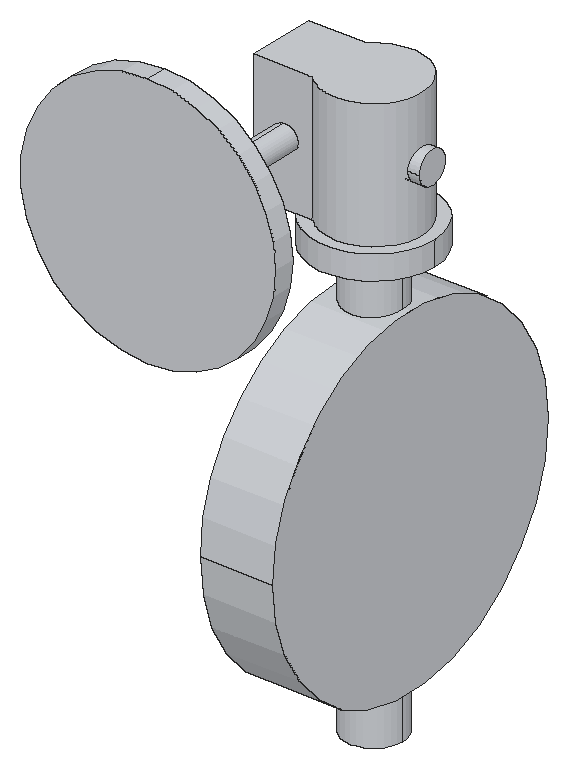
Revit family "HS497-68_disk-nerez_převodové kolo DN450-RFA_2019", category Pipe Accessories, Revit 2019
Family settings
  Round Connector Dimension = Use Diameter
  Part Type = Valve - Breaks Into
  Work Plane-Based = No
  Always vertical = Yes
  Cut with Voids When Loaded = No
  Shared = No
Parameters (values of type "HS 497-68_DN450_PN10_převodové kolo")
  magiProductId = "cdf2d80f54a9414f9cbe50647c0ebd"
  magiProductFamilyId = "53cea81e6f374d17b8841d9c72ad77"
  magiPartTypeId = 305
  isMeasuringValve [instance] = no
  ang2D [instance] = 0.00°
  X11 = 129.74 mm
  X1 = 53.74 mm
  W2D = 1000 mm
  VersionID = "2.0/2017.9.26.1/ZETKAMA_497_001"
  Use Minimum Symbol Size [instance] = yes
  URL = "http://www.hydronic.cz"
  Type Comments = "mezipřírubová; nerezový disk; PN10; -10~+110°C (krátkodobě +120°C)"
  SW30 = yes
  SW3 = yes
  SW21 = no
  SW20 = no
  SW2 = no
  SW1 = no
  R = 225 mm
  QmdConnectorList = "301;D;302;D"
  Productdata [instance] = ""
  NC = 91.5 mm
  Manufacturer = "Zetkama"
  MM20 = 53.74 mm
  MC Product Code = "126 450 (nerezový disk, s převodovým kolem; DN450; PN10, kvs18514)"
  M41 = 144.75 mm
  M4 = 96.5 mm
  LHL = 220 mm
  LHH3 = 2.45 mm
  LHH1 = 46.55 mm
  LH1 = 73.333 mm
  L4R__ve = -L4R  # -32.1 mm
  L4R = 32.1 mm
  L42__ve = -L42  # -240.75 mm
  L42 = 240.75 mm
  L41__ve = -L41  # -48.15 mm
  L41 = 48.15 mm
  L2D_Min = 3048 mm
  L2D = 216 mm
  L2 = 57 mm
  L1 = 91.2 mm
  L = 114 mm
  H = 38 mm
  G22 = 11.25 mm
  G2 = 22.5 mm
  G1 = 90 mm
  G = 190 mm
  F = 36 mm
  E44 = 100 mm
  E42 = 200 mm
  E4 = 400 mm
  E23 = 4.9 mm
  E22 = 19.6 mm
  E21 = 9.8 mm
  Description = "Mezipřírubová uzavírací klapka s převodovým kolem; nerezový disk, DN450; PN10; kvs18514"
  DR2 = 225 mm
  DR = 536 mm
  DD1 = 50 mm
  DD = 40 mm
  D = 450 mm
  CAT0 = yes
  B2__ve = -B2  # -115 mm
  B2 = 115 mm
  A2 = 38.05 mm
  A1 = 117.45 mm
Types (43, lengths in mm): name | magiProductId | X11 | X1 | Type Comments | SW30 | SW3 | SW20 | SW2 | SW1 | R | NC | Manufacturer | MM20 | MC Product Code | M41 | M4 | LHL | LHH3 | LHH1 | LH1 | L4R__ve | L4R | L42__ve | L42 | L41__ve | L41 | L2 | L1 | L | H | G | F | E44 | E42 | E4 | E23 | E22 | E21 | Description | DR2 | DR | DD1 | DD | D | B2__ve | B2 | A2 | A1
  HS 497-68_DN100_PN16_volné vřeteno | "65d1b245f4f142c78569c0602d5754" | 61.456 | 25.456 | "mezipřírubová; nerezový disk; PN16; -10~+110°C (krátkodobě +120°C)" | no | no | no | no | yes | 50 | 50 | "Hydronic Systems Prague s.r.o." | 25.456 | "124 100 (nerezový disk, s volným vřetenem; DN100; PN16, kvs512)" | 66 | 44 | 220 | 2.45 | 46.55 | 73.333 | -12.8 | 12.8 | -96 | 96 | -19.2 | 19.2 | 26 | 41.6 | 52 | 30 | 90 | 11 | 31.25 | 62.5 | 125 | 4.9 | 19.6 | 9.8 | "Mezipřírubová uzavírací klapka s volným vřetenem; nerezový disk, DN100; PN16; kvs512" | 50 | 147 | 15.625 | 12.5 | 100 | -56 | 56 | 16.5 | 98.5
  HS 497-68_DN100_PN16_převodové kolo | "11e91b807e674d428c8e796fcdcfe2" | 61.456 | 25.456 | "mezipřírubová; nerezový disk; PN16; -10~+110°C (krátkodobě +120°C)" | yes | yes | no | no | no | 50 | 50 | "Hydronic Systems Prague s.r.o." | 25.456 | "126 100 (nerezový disk, s převodovým kolem; DN100; PN16, kvs512)" | 65.25 | 43.5 | 220 | 2.45 | 46.55 | 73.333 | -12.8 | 12.8 | -96 | 96 | -19.2 | 19.2 | 26 | 41.6 | 52 | 30 | 90 | 11 | 31.25 | 62.5 | 125 | 4.9 | 19.6 | 9.8 | "Mezipřírubová uzavírací klapka s převodovým kolem; nerezový disk, DN100; PN16; kvs512" | 50 | 147 | 15.625 | 12.5 | 100 | -56 | 56 | 16.5 | 98.5
  HS 497-68_DN100_PN16_s pákou | "28172f0b3f4b47b28323ac71cf8749" | 61.456 | 25.456 | "mezipřírubová; nerezový disk; PN16; -10~+110°C (krátkodobě +120°C)" | no | no | yes | yes | no | 50 | 50 | "Hydronic Systems Prague s.r.o." | 25.456 | "121 100 (nerezový disk, s pákou; DN100; PN16, kvs512)" | 66 | 44 | 260 | 3 | 57 | 86.667 | -12.8 | 12.8 | -96 | 96 | -19.2 | 19.2 | 26 | 41.6 | 52 | 30 | 90 | 11 | 31.25 | 62.5 | 125 | 6 | 24 | 12 | "Mezipřírubová uzavírací klapka s pákou; nerezový disk, DN100; PN16; kvs512" | 50 | 147 | 15.625 | 12.5 | 100 | -56 | 56 | 16.5 | 98.5
  HS 497-68_DN125_PN16_volné vřeteno | "0d813d910fc14f628bb3c2efbd185c" | 61.456 | 25.456 | "mezipřírubová; nerezový disk; PN16; -10~+110°C (krátkodobě +120°C)" | no | no | no | no | yes | 62.5 | 50 | "Hydronic Systems Prague s.r.o." | 25.456 | "124 125 (nerezový disk, s volným vřetenem; DN125; PN16, kvs872)" | 66 | 44 | 220 | 2.45 | 46.55 | 73.333 | -12.8 | 12.8 | -96 | 96 | -19.2 | 19.2 | 28 | 44.8 | 56 | 33 | 90 | 14 | 31.25 | 62.5 | 125 | 4.9 | 19.6 | 9.8 | "Mezipřírubová uzavírací klapka s volným vřetenem; nerezový disk, DN125; PN16; kvs872" | 62.5 | 180 | 15.625 | 12.5 | 125 | -64 | 64 | 18 | 99.5
  HS 497-68_DN125_PN16_převodové kolo | "c56b7c13f372467684996fb1e0e229" | 61.456 | 25.456 | "mezipřírubová; nerezový disk; PN16; -10~+110°C (krátkodobě +120°C)" | yes | yes | no | no | no | 62.5 | 50 | "Hydronic Systems Prague s.r.o." | 25.456 | "126125 (nerezový disk, s převodovým kolem; DN125; PN16, kvs872)" | 65.25 | 43.5 | 220 | 2.45 | 46.55 | 73.333 | -13.5 | 13.5 | -101.25 | 101.25 | -20.25 | 20.25 | 28 | 44.8 | 56 | 33 | 90 | 14 | 40 | 80 | 160 | 4.9 | 19.6 | 9.8 | "Mezipřírubová uzavírací klapka s převodovým kolem; nerezový disk, DN125; PN16; kvs872" | 62.5 | 180 | 20 | 16 | 125 | -64 | 64 | 18 | 99.5
  HS 497-68_DN125_PN16_s pákou | "105993c79a91492399feef7931321a" | 61.456 | 25.456 | "mezipřírubová; nerezový disk; PN16; -10~+110°C (krátkodobě +120°C)" | no | no | yes | yes | no | 62.5 | 50 | "Hydronic Systems Prague s.r.o." | 25.456 | "121 125 (nerezový disk, s pákou; DN125; PN16, kvs872)" | 66 | 44 | 315 | 3.75 | 71.25 | 105 | -12.8 | 12.8 | -96 | 96 | -19.2 | 19.2 | 28 | 44.8 | 56 | 33 | 90 | 14 | 31.25 | 62.5 | 125 | 7.5 | 30 | 15 | "Mezipřírubová uzavírací klapka s pákou; nerezový disk, DN125; PN16; kvs872" | 62.5 | 180 | 15.625 | 12.5 | 125 | -64 | 64 | 18 | 99.5
  HS 497-68_DN150_PN16_volné vřeteno | "50c80cb8ab434f55ab7796e5ac1331" | 61.456 | 25.456 | "mezipřírubová; nerezový disk; PN16; -10~+110°C (krátkodobě +120°C)" | no | no | no | no | yes | 75 | 50 | "Hydronic Systems Prague s.r.o." | 25.456 | "124 150 (nerezový disk, s volným vřetenem; DN150; PN16, kvs1347)" | 66 | 44 | 220 | 2.45 | 46.55 | 73.333 | -12.8 | 12.8 | -96 | 96 | -19.2 | 19.2 | 28 | 44.8 | 56 | 33 | 90 | 14 | 31.25 | 62.5 | 125 | 4.9 | 19.6 | 9.8 | "Mezipřírubová uzavírací klapka s volným vřetenem; nerezový disk, DN150; PN16; kvs1347" | 75 | 206 | 15.625 | 12.5 | 150 | -58 | 58 | 19.3 | 98.7
  HS 497-68_DN150_PN16_převodové kolo | "d94a1a0cf83b476eb10011b327f709" | 61.456 | 25.456 | "mezipřírubová; nerezový disk; PN16; -10~+110°C (krátkodobě +120°C)" | yes | yes | no | no | no | 75 | 50 | "Hydronic Systems Prague s.r.o." | 25.456 | "126 150 (nerezový disk, s převodovým kolem; DN150; PN16, kvs1347)" | 65.25 | 43.5 | 220 | 2.45 | 46.55 | 73.333 | -13.5 | 13.5 | -101.25 | 101.25 | -20.25 | 20.25 | 28 | 44.8 | 56 | 33 | 90 | 14 | 40 | 80 | 160 | 4.9 | 19.6 | 9.8 | "Mezipřírubová uzavírací klapka s převodovým kolem; nerezový disk, DN150; PN16; kvs1347" | 75 | 206 | 20 | 16 | 150 | -58 | 58 | 19.3 | 98.7
  HS 497-68_DN150_PN16_s pákou | "4d2835523fe84828bc50ff0a5a0dfb" | 61.456 | 25.456 | "mezipřírubová; nerezový disk; PN16; -10~+110°C (krátkodobě +120°C)" | no | no | yes | yes | no | 75 | 50 | "Hydronic Systems Prague s.r.o." | 25.456 | "121 150 (nerezový disk, s pákou; DN150; PN16, kvs1347)" | 66 | 44 | 315 | 3.75 | 71.25 | 105 | -12.8 | 12.8 | -96 | 96 | -19.2 | 19.2 | 28 | 44.8 | 56 | 33 | 90 | 14 | 31.25 | 62.5 | 125 | 7.5 | 30 | 15 | "Mezipřírubová uzavírací klapka s pákou; nerezový disk, DN150; PN16; kvs1347" | 75 | 206 | 15.625 | 12.5 | 150 | -58 | 58 | 19.3 | 98.7
  HS 497-68_DN200_PN16_volné vřeteno | "5b29029eaeba47139ee1055a4b9201" | 61.456 | 25.456 | "mezipřírubová; nerezový disk; PN16; -10~+110°C (krátkodobě +120°C)" | no | no | no | no | yes | 100 | 50 | "Hydronic Systems Prague s.r.o." | 25.456 | "124 200 (nerezový disk, s volným vřetenem; DN200; PN16, kvs2675)" | 66 | 44 | 220 | 2.45 | 46.55 | 73.333 | -12.8 | 12.8 | -96 | 96 | -19.2 | 19.2 | 30 | 48 | 60 | 33 | 90 | 17 | 31.25 | 62.5 | 125 | 4.9 | 19.6 | 9.8 | "Mezipřírubová uzavírací klapka s volným vřetenem; nerezový disk, DN200; PN16; kvs2675" | 100 | 257 | 15.625 | 12.5 | 200 | -70 | 70 | 22.5 | 102.5
  HS 497-68_DN200_PN16_převodové kolo | "b2793cc1fcc44cf2a35062cd67c04f" | 61.456 | 25.456 | "mezipřírubová; nerezový disk; PN16; -10~+110°C (krátkodobě +120°C)" | yes | yes | no | no | no | 100 | 57 | "Hydronic Systems Prague s.r.o." | 25.456 | "126 200 (nerezový disk, s převodovým kolem; DN200; PN16, kvs2675)" | 78.75 | 52.5 | 220 | 2.45 | 46.55 | 73.333 | -15.2 | 15.2 | -114 | 114 | -22.8 | 22.8 | 30 | 48 | 60 | 33 | 90 | 17 | 50 | 100 | 200 | 4.9 | 19.6 | 9.8 | "Mezipřírubová uzavírací klapka s převodovým kolem; nerezový disk, DN200; PN16; kvs2675" | 100 | 257 | 25 | 20 | 200 | -70 | 70 | 22.5 | 102.5
  HS 497-68_DN200_PN16_s pákou | "f88d96c7af224537a51e72d7d8fffe" | 61.456 | 25.456 | "mezipřírubová; nerezový disk; PN16; -10~+110°C (krátkodobě +120°C)" | no | no | yes | yes | no | 100 | 50 | "Hydronic Systems Prague s.r.o." | 25.456 | "121 200 (nerezový disk, s pákou; DN200; PN16, kvs2675)" | 66 | 44 | 315 | 3.75 | 71.25 | 105 | -12.8 | 12.8 | -96 | 96 | -19.2 | 19.2 | 30 | 48 | 60 | 33 | 90 | 17 | 31.25 | 62.5 | 125 | 7.5 | 30 | 15 | "Mezipřírubová uzavírací klapka s pákou; nerezový disk, DN200; PN16; kvs2675" | 100 | 257 | 15.625 | 12.5 | 200 | -70 | 70 | 22.5 | 102.5
  HS 497-68_DN250_PN16_volné vřeteno | "b662e8305ca2402b9c510e66e6aa55" | 88.77 | 36.77 | "mezipřírubová; nerezový disk; PN16; -10~+110°C (krátkodobě +120°C)" | no | no | no | no | yes | 125 | 50 | "Hydronic Systems Prague s.r.o." | 36.77 | "124 250 (nerezový disk, s volným vřetenem; DN250; PN16, kvs4555)" | 66 | 44 | 220 | 2.45 | 46.55 | 73.333 | -12.8 | 12.8 | -96 | 96 | -19.2 | 19.2 | 34 | 54.4 | 68 | 23 | 130 | 22 | 31.25 | 62.5 | 125 | 4.9 | 19.6 | 9.8 | "Mezipřírubová uzavírací klapka s volným vřetenem; nerezový disk, DN250; PN16; kvs4555" | 125 | 324 | 15.625 | 12.5 | 250 | -85 | 85 | 28.25 | 129.25
  HS 497-68_DN250_PN16_převodové kolo | "5ee9016806664ddfaa2632711f295c" | 88.77 | 36.77 | "mezipřírubová; nerezový disk; PN16; -10~+110°C (krátkodobě +120°C)" | yes | yes | no | no | no | 125 | 70 | "Hydronic Systems Prague s.r.o." | 36.77 | "126 250 (nerezový disk, s převodovým kolem; DN250; PN16, kvs4555)" | 91.5 | 61 | 220 | 2.45 | 46.55 | 73.333 | -22.2 | 22.2 | -166.5 | 166.5 | -33.3 | 33.3 | 34 | 54.4 | 68 | 23 | 130 | 22 | 62.5 | 125 | 250 | 4.9 | 19.6 | 9.8 | "Mezipřírubová uzavírací klapka s převodovým kolem; nerezový disk, DN250; PN16; kvs4555" | 125 | 324 | 31.25 | 25 | 250 | -85 | 85 | 28.25 | 129.25
  HS 497-68_DN300_PN16_volné vřeteno | "e1886f51ff004380a649519258edf2" | 88.77 | 36.77 | "mezipřírubová; nerezový disk; PN16; -10~+110°C (krátkodobě +120°C)" | no | no | no | no | yes | 150 | 50 | "Hydronic Systems Prague s.r.o." | 36.77 | "124 300 (nerezový disk, s volným vřetenem; DN300; PN16, kvs7037)" | 66 | 44 | 220 | 2.45 | 46.55 | 73.333 | -12.8 | 12.8 | -96 | 96 | -19.2 | 19.2 | 39 | 62.4 | 78 | 23 | 130 | 22 | 31.25 | 62.5 | 125 | 4.9 | 19.6 | 9.8 | "Mezipřírubová uzavírací klapka s volným vřetenem; nerezový disk, DN300; PN16; kvs7037" | 150 | 376 | 15.625 | 12.5 | 300 | -90 | 90 | 30.8 | 127.2
  HS 497-68_DN300_PN16_převodové kolo | "6860f094f77d42088fbebc3c97f755" | 88.77 | 36.77 | "mezipřírubová; nerezový disk; PN16; -10~+110°C (krátkodobě +120°C)" | yes | yes | no | no | no | 150 | 70 | "Hydronic Systems Prague s.r.o." | 36.77 | "126 300 (nerezový disk, s převodovým kolem; DN300; PN16, kvs7037)" | 91.5 | 61 | 220 | 2.45 | 46.55 | 73.333 | -22.2 | 22.2 | -166.5 | 166.5 | -33.3 | 33.3 | 39 | 62.4 | 78 | 23 | 130 | 22 | 62.5 | 125 | 250 | 4.9 | 19.6 | 9.8 | "Mezipřírubová uzavírací klapka s převodovým kolem; nerezový disk, DN300; PN16; kvs7037" | 150 | 376 | 31.25 | 25 | 300 | -90 | 90 | 30.8 | 127.2
  HS 497-68_DN032_PN16_volné vřeteno | "8c5f65de52aa4067a77564107e31b2" | 61.456 | 25.456 | "mezipřírubová; nerezový disk; PN16; -10~+110°C (krátkodobě +120°C)" | no | no | no | no | yes | 16 | 50 | "Hydronic Systems Prague s.r.o." | 25.456 | "124 032 (nerezový disk, s volným vřetenem; DN32; PN16, kvs78)" | 66 | 44 | 220 | 2.45 | 46.55 | 73.333 | -12.8 | 12.8 | -96 | 96 | -19.2 | 19.2 | 16.5 | 26.4 | 33 | 30 | 90 | 11 | 31.25 | 62.5 | 125 | 4.9 | 19.6 | 9.8 | "Mezipřírubová uzavírací klapka s volným vřetenem; nerezový disk, DN32; PN16; kvs78" | 16 | 68 | 15.625 | 12.5 | 32 | -44.2 | 44.2 | 10.25 | 76.25
  HS 497-68_DN032_PN16_převodové kolo | "60aaeffa8b3a4e809ef000e4660060" | 61.456 | 25.456 | "mezipřírubová; nerezový disk; PN16; -10~+110°C (krátkodobě +120°C)" | yes | yes | no | no | no | 16 | 50 | "Hydronic Systems Prague s.r.o." | 25.456 | "126 032 (nerezový disk, s převodovým kolem; DN32; PN16, kvs78)" | 65.25 | 43.5 | 220 | 2.45 | 46.55 | 73.333 | -12.8 | 12.8 | -96 | 96 | -19.2 | 19.2 | 16.5 | 26.4 | 33 | 30 | 90 | 11 | 31.25 | 62.5 | 125 | 4.9 | 19.6 | 9.8 | "Mezipřírubová uzavírací klapka s převodovým kolem; nerezový disk, DN32; PN16; kvs78" | 16 | 68 | 15.625 | 12.5 | 32 | -44.2 | 44.2 | 10.25 | 76.25
  HS 497-68_DN032_PN16_s pákou | "9ad8088d610749a1b871aa2aad8007" | 61.456 | 25.456 | "mezipřírubová; nerezový disk; PN16; -10~+110°C (krátkodobě +120°C)" | no | no | yes | yes | no | 16 | 50 | "Hydronic Systems Prague s.r.o." | 25.456 | "121 032 (nerezový disk, s pákou; DN32; PN16, kvs78)" | 66 | 44 | 220 | 2.45 | 46.55 | 73.333 | -12.8 | 12.8 | -96 | 96 | -19.2 | 19.2 | 16.5 | 26.4 | 33 | 30 | 90 | 11 | 31.25 | 62.5 | 125 | 4.9 | 19.6 | 9.8 | "Mezipřírubová uzavírací klapka s pákou; nerezový disk, DN32; PN16; kvs78" | 16 | 68 | 15.625 | 12.5 | 32 | -44.2 | 44.2 | 10.25 | 76.25
  HS 497-68_DN350_PN10_volné vřeteno | "72a1e05f22944421b7e9596a877137" | 109.255 | 45.255 | "mezipřírubová; nerezový disk; PN10; -10~+110°C (krátkodobě +120°C)" | no | no | no | no | yes | 175 | 50 | "Hydronic Systems Prague s.r.o." | 45.255 | "124 350 (nerezový disk, s volným vřetenem; DN350; PN10, kvs10165)" | 66 | 44 | 220 | 2.45 | 46.55 | 73.333 | -12.8 | 12.8 | -96 | 96 | -19.2 | 19.2 | 39 | 62.4 | 78 | 31 | 160 | 22 | 31.25 | 62.5 | 125 | 4.9 | 19.6 | 9.8 | "Mezipřírubová uzavírací klapka s volným vřetenem; nerezový disk, DN350; PN10; kvs10165" | 175 | 430 | 15.625 | 12.5 | 350 | -88 | 88 | 33.85 | 129.65
  HS 497-68_DN350_PN10_převodové kolo | "a5a01426cb28494ba3afca92f1dace" | 109.255 | 45.255 | "mezipřírubová; nerezový disk; PN10; -10~+110°C (krátkodobě +120°C)" | yes | yes | no | no | no | 175 | 70 | "Hydronic Systems Prague s.r.o." | 45.255 | "126 350 (nerezový disk, s převodovým kolem; DN350; PN10, kvs10165)" | 91.5 | 61 | 220 | 2.45 | 46.55 | 73.333 | -22.2 | 22.2 | -166.5 | 166.5 | -33.3 | 33.3 | 39 | 62.4 | 78 | 31 | 160 | 22 | 62.5 | 125 | 250 | 4.9 | 19.6 | 9.8 | "Mezipřírubová uzavírací klapka s převodovým kolem; nerezový disk, DN350; PN10; kvs10165" | 175 | 430 | 31.25 | 25 | 350 | -88 | 88 | 33.85 | 129.65
  HS 497-68_DN400_PN10_volné vřeteno | "c70ebeb927c04ab99b176e257ad0a7" | 109.255 | 45.255 | "mezipřírubová; nerezový disk; PN10; -10~+110°C (krátkodobě +120°C)" | no | no | no | no | yes | 200 | 50 | "Hydronic Systems Prague s.r.o." | 45.255 | "124 400 (nerezový disk, s volným vřetenem; DN400; PN10, kvs13799)" | 66 | 44 | 220 | 2.45 | 46.55 | 73.333 | -12.8 | 12.8 | -96 | 96 | -19.2 | 19.2 | 51 | 81.6 | 102 | 31 | 160 | 27 | 31.25 | 62.5 | 125 | 4.9 | 19.6 | 9.8 | "Mezipřírubová uzavírací klapka s volným vřetenem; nerezový disk, DN400; PN10; kvs13799" | 200 | 485 | 15.625 | 12.5 | 400 | -108 | 108 | 38 | 142
  HS 497-68_DN400_PN10_převodové kolo | "cc64a4384dcb41b780d81810f4f293" | 109.255 | 45.255 | "mezipřírubová; nerezový disk; PN10; -10~+110°C (krátkodobě +120°C)" | yes | yes | no | no | no | 200 | 72.5 | "Hydronic Systems Prague s.r.o." | 45.255 | "126 400 (nerezový disk, s převodovým kolem; DN400; PN10, kvs13799)" | 103.5 | 69 | 220 | 2.45 | 46.55 | 73.333 | -27.8 | 27.8 | -208.5 | 208.5 | -41.7 | 41.7 | 51 | 81.6 | 102 | 31 | 160 | 27 | 75 | 150 | 300 | 4.9 | 19.6 | 9.8 | "Mezipřírubová uzavírací klapka s převodovým kolem; nerezový disk, DN400; PN10; kvs13799" | 200 | 485 | 37.5 | 30 | 400 | -108 | 108 | 38 | 142
  HS 497-68_DN040_PN16_volné vřeteno | "35f92312390745e88df5b5c325d9ee" | 61.456 | 25.456 | "mezipřírubová; nerezový disk; PN16; -10~+110°C (krátkodobě +120°C)" | no | no | no | no | yes | 20 | 50 | "Hydronic Systems Prague s.r.o." | 25.456 | "124 040 (nerezový disk, s volným vřetenem; DN40; PN16, kvs78)" | 66 | 44 | 220 | 2.45 | 46.55 | 73.333 | -12.8 | 12.8 | -96 | 96 | -19.2 | 19.2 | 16.5 | 26.4 | 33 | 30 | 90 | 11 | 31.25 | 62.5 | 125 | 4.9 | 19.6 | 9.8 | "Mezipřírubová uzavírací klapka s volným vřetenem; nerezový disk, DN40; PN16; kvs78" | 20 | 76 | 15.625 | 12.5 | 40 | -36 | 36 | 11 | 79
  HS 497-68_DN040_PN16_převodové kolo | "d88e968eae3445bc9b7b4e6ff35127" | 61.456 | 25.456 | "mezipřírubová; nerezový disk; PN16; -10~+110°C (krátkodobě +120°C)" | yes | yes | no | no | no | 20 | 50 | "Hydronic Systems Prague s.r.o." | 25.456 | "126 040 (nerezový disk, s převodovým kolem; DN40; PN16, kvs78)" | 65.25 | 43.5 | 220 | 2.45 | 46.55 | 73.333 | -12.8 | 12.8 | -96 | 96 | -19.2 | 19.2 | 16.5 | 26.4 | 33 | 30 | 90 | 11 | 31.25 | 62.5 | 125 | 4.9 | 19.6 | 9.8 | "Mezipřírubová uzavírací klapka s převodovým kolem; nerezový disk, DN40; PN16; kvs78" | 20 | 76 | 15.625 | 12.5 | 40 | -36 | 36 | 11 | 79
  HS 497-68_DN040_PN16_s pákou | "c1b522ca65b4407a98818f232eaacb" | 61.456 | 25.456 | "mezipřírubová; nerezový disk; PN16; -10~+110°C (krátkodobě +120°C)" | no | no | yes | yes | no | 20 | 50 | "Hydronic Systems Prague s.r.o." | 25.456 | "121 040 (nerezový disk, s pákou; DN40; PN16, kvs78)" | 66 | 44 | 220 | 2.45 | 46.55 | 73.333 | -12.8 | 12.8 | -96 | 96 | -19.2 | 19.2 | 16.5 | 26.4 | 33 | 30 | 90 | 11 | 31.25 | 62.5 | 125 | 4.9 | 19.6 | 9.8 | "Mezipřírubová uzavírací klapka s pákou; nerezový disk, DN40; PN16; kvs78" | 20 | 76 | 15.625 | 12.5 | 40 | -36 | 36 | 11 | 79
  HS 497-68_DN450_PN10_volné vřeteno | "a8358bc282f14872b3194e530e590a" | 129.74 | 53.74 | "mezipřírubová; nerezový disk; PN10; -10~+110°C (krátkodobě +120°C)" | no | no | no | no | yes | 225 | 50 | "Hydronic Systems Prague s.r.o." | 53.74 | "124 450 (nerezový disk, s volným vřetenem; DN450; PN10, kvs18514)" | 66 | 44 | 220 | 2.45 | 46.55 | 73.333 | -12.8 | 12.8 | -96 | 96 | -19.2 | 19.2 | 57 | 91.2 | 114 | 38 | 190 | 36 | 31.25 | 62.5 | 125 | 4.9 | 19.6 | 9.8 | "Mezipřírubová uzavírací klapka s volným vřetenem; nerezový, DN450; PN10; kvs18514" | 225 | 536 | 15.625 | 12.5 | 450 | -115 | 115 | 38.05 | 117.45
  HS 497-68_DN450_PN10_převodové kolo | "cdf2d80f54a9414f9cbe50647c0ebd" | 129.74 | 53.74 | "mezipřírubová; nerezový disk; PN10; -10~+110°C (krátkodobě +120°C)" | yes | yes | no | no | no | 225 | 91.5 | "Zetkama" | 53.74 | "126 450 (nerezový disk, s převodovým kolem; DN450; PN10, kvs18514)" | 144.75 | 96.5 | 220 | 2.45 | 46.55 | 73.333 | -32.1 | 32.1 | -240.75 | 240.75 | -48.15 | 48.15 | 57 | 91.2 | 114 | 38 | 190 | 36 | 100 | 200 | 400 | 4.9 | 19.6 | 9.8 | "Mezipřírubová uzavírací klapka s převodovým kolem; nerezový disk, DN450; PN10; kvs18514" | 225 | 536 | 50 | 40 | 450 | -115 | 115 | 38.05 | 117.45
  HS 497-68_DN500_PN10_volné vřeteno | "8c396e27bb2743f98f3c762b6517cd" | 143.397 | 59.397 | "mezipřírubová; nerezový disk; PN10; -10~+110°C (krátkodobě +120°C)" | no | no | no | no | yes | 250 | 50 | "Hydronic Systems Prague s.r.o." | 59.397 | "124 500 (nerezový disk, s volným vřetenem; DN500; PN10, kvs23805)" | 66 | 44 | 220 | 2.45 | 46.55 | 73.333 | -12.8 | 12.8 | -96 | 96 | -19.2 | 19.2 | 63.5 | 101.6 | 127 | 38 | 210 | 36 | 31.25 | 62.5 | 125 | 4.9 | 19.6 | 9.8 | "Mezipřírubová uzavírací klapka s volným vřetenem; nerezový disk, DN500; PN10; kvs23805" | 250 | 593 | 15.625 | 12.5 | 500 | -130 | 130 | 43.25 | 139.25
  HS 497-68_DN500_PN10_převodové kolo | "7647804f32e94cef828a7034a91a46" | 143.397 | 59.397 | "mezipřírubová; nerezový disk; PN10; -10~+110°C (krátkodobě +120°C)" | yes | yes | no | no | no | 250 | 91.5 | "Zetkama" | 59.397 | "126 500 (nerezový disk, s převodovým kolem; DN500; PN10, kvs23805)" | 144.75 | 96.5 | 220 | 2.45 | 46.55 | 73.333 | -32.1 | 32.1 | -240.75 | 240.75 | -48.15 | 48.15 | 63.5 | 101.6 | 127 | 38 | 210 | 36 | 100 | 200 | 400 | 4.9 | 19.6 | 9.8 | "Mezipřírubová uzavírací klapka s převodovým kolem; nerezový disk, DN500; PN10; kvs23805" | 250 | 593 | 50 | 40 | 500 | -130 | 130 | 43.25 | 139.25
  HS 497-68_DN050_volné vřeteno | "d71f296ecd6d4adf8f6e5d9853b4e0" | 61.456 | 25.456 | "mezipřírubová; nerezový disk; PN16; -10~+110°C (krátkodobě +120°C)" | no | no | no | no | yes | 25 | 50 | "Hydronic Systems Prague s.r.o." | 25.456 | "124 050 (nerezový disk, s volným vřetenem; DN50; PN16, kvs98)" | 66 | 44 | 220 | 2.45 | 46.55 | 73.333 | -12.8 | 12.8 | -96 | 96 | -19.2 | 19.2 | 21.5 | 34.4 | 43 | 30 | 90 | 11 | 31.25 | 62.5 | 125 | 4.9 | 19.6 | 9.8 | "Mezipřírubová uzavírací klapka s volným vřetenem; nerezový disk, DN50; PN16; kvs98" | 25 | 100 | 15.625 | 12.5 | 50 | -36.5 | 36.5 | 12 | 83
  HS 497-68_DN050_PN16_převodové kolo | "2fb080deeaed49c58418b94c1da5a4" | 61.456 | 25.456 | "mezipřírubová; nerezový disk; PN16; -10~+110°C (krátkodobě +120°C)" | yes | yes | no | no | no | 25 | 50 | "Hydronic Systems Prague s.r.o." | 25.456 | "126 050 (nerezový disk, s převodovým kolem; DN50; PN16, kvs98)" | 65.25 | 43.5 | 220 | 2.45 | 46.55 | 73.333 | -12.8 | 12.8 | -96 | 96 | -19.2 | 19.2 | 21.5 | 34.4 | 43 | 30 | 90 | 11 | 31.25 | 62.5 | 125 | 4.9 | 19.6 | 9.8 | "Mezipřírubová uzavírací klapka s převodovým kolem; nerezový disk, DN50; PN16; kvs98" | 25 | 100 | 15.625 | 12.5 | 50 | -36.5 | 36.5 | 12 | 83
  HS 497-68_DN050_PN16_s pákou | "dabc632061f94877a994b9b4e68112" | 61.456 | 25.456 | "mezipřírubová; nerezový disk; PN16; -10~+110°C (krátkodobě +120°C)" | no | no | yes | yes | no | 25 | 50 | "Hydronic Systems Prague s.r.o." | 25.456 | "121 050 (nerezový disk, s pákou; DN50; PN16, kvs98)" | 66 | 44 | 220 | 2.45 | 46.55 | 73.333 | -12.8 | 12.8 | -96 | 96 | -19.2 | 19.2 | 21.5 | 34.4 | 43 | 30 | 90 | 11 | 31.25 | 62.5 | 125 | 4.9 | 19.6 | 9.8 | "Mezipřírubová uzavírací klapka s pákou; nerezový disk, DN50; PN16; kvs98" | 25 | 100 | 15.625 | 12.5 | 50 | -36.5 | 36.5 | 12 | 83
  HS 497-68_DN600_PN10_volné vřeteno | "99d5892c14664fce81a7c5903f7711" | 143.397 | 59.397 | "mezipřírubová; nerezový disk; PN10; -10~+110°C (krátkodobě +120°C)" | no | no | no | no | yes | 300 | 50 | "Hydronic Systems Prague s.r.o." | 59.397 | "124 600 (nerezový disk, s volným vřetenem; DN600; PN10, kvs36778)" | 66 | 44 | 220 | 2.45 | 46.55 | 73.333 | -12.8 | 12.8 | -96 | 96 | -19.2 | 19.2 | 77 | 123.2 | 154 | 80 | 210 | 60 | 31.25 | 62.5 | 125 | 4.9 | 19.6 | 9.8 | "Mezipřírubová uzavírací klapka s volným vřetenem; nerezový disk, DN600; PN10; kvs36788" | 300 | 690 | 15.625 | 12.5 | 600 | -140 | 140 | 49.4 | 144.6
  HS 497-68_DN600_PN10_převodové kolo | "b1e26faab48a4c499f6bb11e7e3002" | 143.397 | 59.397 | "mezipřírubová; lnerezový disk; PN10; -10~+110°C (krátkodobě +120°C)" | yes | yes | no | no | no | 300 | 140 | "Hydronic Systems Prague s.r.o." | 59.397 | "126 600 (nerezový disk, s převodovým kolem; DN600; PN10, kvs36778)" | 206.25 | 137.5 | 220 | 2.45 | 46.55 | 73.333 | -40.8 | 40.8 | -306 | 306 | -61.2 | 61.2 | 77 | 123.2 | 154 | 80 | 210 | 60 | 125 | 250 | 500 | 4.9 | 19.6 | 9.8 | "Mezipřírubová uzavírací klapka s převodovým kolem; nerezový disk, DN600; PN10; kvs36788" | 300 | 690 | 62.5 | 50 | 600 | -140 | 140 | 49.4 | 144.6
  HS 497-68_DN065_PN16_volné vřeteno | "5e5e208646e34ec29f889baab5d08e" | 61.456 | 25.456 | "mezipřírubová; lnerezový disk; PN16; -10~+110°C (krátkodobě +120°C)" | no | no | no | no | yes | 32.5 | 50 | "Hydronic Systems Prague s.r.o." | 25.456 | "124 065 (nerezový disk, s volným vřetenem; DN65; PN16, kvs167)" | 66 | 44 | 220 | 2.45 | 46.55 | 73.333 | -12.8 | 12.8 | -96 | 96 | -19.2 | 19.2 | 23 | 36.8 | 46 | 30 | 90 | 11 | 31.25 | 62.5 | 125 | 4.9 | 19.6 | 9.8 | "Mezipřírubová uzavírací klapka s volným vřetenem; nerezový disk, DN65; PN16; kv167" | 32.5 | 108 | 15.625 | 12.5 | 65 | -36.5 | 36.5 | 13.5 | 89
  HS 497-68_DN065_PN16_převodové kolo | "654d74c8d15540b0bfe523d988ccb3" | 61.456 | 25.456 | "mezipřírubová; nerezový disk; PN16; -10~+110°C (krátkodobě +120°C)" | yes | yes | no | no | no | 32.5 | 50 | "Hydronic Systems Prague s.r.o." | 25.456 | "126 065 (nerezový disk, s převodovým kolem; DN65; PN16, kvs167)" | 65.25 | 43.5 | 220 | 2.45 | 46.55 | 73.333 | -12.8 | 12.8 | -96 | 96 | -19.2 | 19.2 | 23 | 36.8 | 46 | 30 | 90 | 11 | 31.25 | 62.5 | 125 | 4.9 | 19.6 | 9.8 | "Mezipřírubová uzavírací klapka s převodovým kolem; nerezový disk, DN65; PN16; kvs167" | 32.5 | 108 | 15.625 | 12.5 | 65 | -36.5 | 36.5 | 13.5 | 89
  HS 497-68_DN065_PN16_s pákou | "ebeb4b59db0641caaf6d6635ab37b9" | 61.456 | 25.456 | "mezipřírubová; nerezový disk; PN16; -10~+110°C (krátkodobě +120°C)" | no | no | yes | yes | no | 32.5 | 50 | "Hydronic Systems Prague s.r.o." | 25.456 | "121 065 (nerezový disk, s pákou; DN65; PN16, kvs167)" | 66 | 44 | 220 | 2.45 | 46.55 | 73.333 | -12.8 | 12.8 | -96 | 96 | -19.2 | 19.2 | 23 | 36.8 | 46 | 30 | 90 | 11 | 31.25 | 62.5 | 125 | 4.9 | 19.6 | 9.8 | "Mezipřírubová uzavírací klapka s pákou; nerezový disk, DN65; PN16; kvs167" | 32.5 | 108 | 15.625 | 12.5 | 65 | -36.5 | 36.5 | 13.5 | 89
  HS 497-68_DN080_PN16_volné vřeteno | "9e85c75c18654e1185a9c48ed6b00e" | 61.456 | 25.456 | "mezipřírubová; nerezový disk; PN16; -10~+110°C (krátkodobě +120°C)" | no | no | no | no | yes | 40 | 50 | "Hydronic Systems Prague s.r.o." | 25.456 | "124 080 (nerezový disk, s volným vřetenem; DN80; PN16, kvs258)" | 66 | 44 | 220 | 2.45 | 46.55 | 73.333 | -12.8 | 12.8 | -96 | 96 | -19.2 | 19.2 | 23 | 36.8 | 46 | 30 | 90 | 11 | 31.25 | 62.5 | 125 | 4.9 | 19.6 | 9.8 | "Mezipřírubová uzavírací klapka s volným vřetenem; nerezový disk, DN80; PN16; kvs258" | 40 | 124 | 15.625 | 12.5 | 80 | -54 | 54 | 14.1 | 86.9
  HS 497-68_DN080_PN16_převodové kolo | "5b3c8238c3d041e68c75b199e7ea46" | 61.456 | 25.456 | "mezipřírubová; nerezový disk; PN16; -10~+110°C (krátkodobě +120°C)" | yes | yes | no | no | no | 40 | 50 | "Hydronic Systems Prague s.r.o." | 25.456 | "126 080 (nerezový disk, s převodovým kolem; DN80; PN16, kvs258)" | 65.25 | 43.5 | 220 | 2.45 | 46.55 | 73.333 | -12.8 | 12.8 | -96 | 96 | -19.2 | 19.2 | 23 | 36.8 | 46 | 30 | 90 | 11 | 31.25 | 62.5 | 125 | 4.9 | 19.6 | 9.8 | "Mezipřírubová uzavírací klapka s převodovým kolem; nerezový disk, DN80; PN16; kvs258" | 40 | 124 | 15.625 | 12.5 | 80 | -54 | 54 | 14.1 | 86.9
  HS 497-68_DN080_PN16_s pákou | "e414795fab0f4eccb99bc3572c5477" | 61.456 | 25.456 | "mezipřírubová; nerezový disk; PN16; -10~+110°C (krátkodobě +120°C)" | no | no | yes | yes | no | 40 | 50 | "Hydronic Systems Prague s.r.o." | 25.456 | "121 080 (nerezový disk, s pákou; DN80; PN16, kvs258)" | 66 | 44 | 260 | 3 | 57 | 86.667 | -12.8 | 12.8 | -96 | 96 | -19.2 | 19.2 | 23 | 36.8 | 46 | 30 | 90 | 11 | 31.25 | 62.5 | 125 | 6 | 24 | 12 | "Mezipřírubová uzavírací klapka s pákou; nerezový disk, DN80; PN16; kvs258" | 40 | 124 | 15.625 | 12.5 | 80 | -54 | 54 | 14.1 | 86.9
  HS 497-68_DN250_PN16_s pákou | "" | 88.77 | 36.77 | "mezipřírubová; nerezový disk; PN16; -10~+110°C (krátkodobě +120°C)" | no | no | yes | yes | no | 125 | 70 | "Hydronic Systems Prague s.r.o." | 36.77 | "121 250 (nerezový disk, s ákou; DN250; PN16, kvs4555)" | 91.5 | 61 | 220 | 2.45 | 46.55 | 73.333 | -22.2 | 22.2 | -166.5 | 166.5 | -33.3 | 33.3 | 34 | 54.4 | 68 | 23 | 130 | 22 | 62.5 | 125 | 250 | 4.9 | 19.6 | 9.8 | "Mezipřírubová uzavírací klapka s pákou; nerezový disk, DN250; PN16; kvs4555" | 125 | 324 | 31.25 | 25 | 250 | -85 | 85 | 28.25 | 129.25
  HS 497-68_DN300_PN16_s pákou | "" | 88.77 | 36.77 | "mezipřírubová; nerezový disk; PN16; -10~+110°C (krátkodobě +120°C)" | no | no | yes | yes | no | 150 | 70 | "Hydronic Systems Prague s.r.o." | 36.77 | "121 300 (nerezový disk, s pákou; DN300; PN16, kvs7037)" | 91.5 | 61 | 220 | 2.45 | 46.55 | 73.333 | -22.2 | 22.2 | -166.5 | 166.5 | -33.3 | 33.3 | 39 | 62.4 | 78 | 23 | 130 | 22 | 62.5 | 125 | 250 | 4.9 | 19.6 | 9.8 | "Mezipřírubová uzavírací klapka s pákou; nerezový disk, DN300; PN16; kvs7037" | 150 | 376 | 31.25 | 25 | 300 | -90 | 90 | 30.8 | 127.2
Reference planes
  plane 1 "Center (Front/Back)": y = 0
  plane 2 "XYPLANE": z = 0
  plane 3 "Center (Left/Right)": x = 0
  plane 4 "473": x = -53.74
  plane 5 "472": x = -144.75
  plane 6 "471": y = -53.74
  plane 7 "470": y = 53.74
  plane 8 "469": x = -96.5
  plane 9 "468": y = -288.9
  plane 10 "467": y = -240.75
  plane 11 "466": z = 480.5
  plane 12 "465": z = 427.05
  plane 13 "464": y = 145.417
  plane 14 "463": z = 417.25
  plane 15 "462": z = 400.1
  plane 16 "461": z = 409.9
  plane 17 "460": y = 72.083
  plane 18 "459": x = -11.25
  plane 19 "458": x = 11.25
  plane 20 "457": y = -6.25
  plane 21 "456": x = -17.5
  plane 22 "455": x = 17.5
  plane 23 "454": z = 414.8
  plane 24 "453": y = 62.083
  plane 25 "452": y = -11.25
  plane 26 "451": x = -22.5
  plane 27 "450": x = 22.5
  plane 28 "449": z = 395.2
  plane 29 "448": z = 390.3
  plane 30 "447": z = -225
  plane 31 "446": z = 380.5
  plane 32 "445": z = 342.45
  plane 33 "444": z = 225
  plane 34 "443": x = 57
  plane 35 "442": x = -57
  plane 36 "441": z = 0
  plane 37 "440": y = 0
  plane 38 "439": x = 0
  plane 39 "438": z = 429.5
  plane 40 "437": z = 414.8
  plane 41 "436": x = 13.7
  plane 42 "435": x = -13.7
  plane 43 "434": y = 220
Forms (mm)
  Extrusion 1, solid, visible <- "SW3"
    sketch origin (-750, 0, 380.5) x (1, 0, 0) y (0, 1, 0)
      loop
        line (605.25, 53.74) -> (605.25, -53.74) -> (696.26, -53.74)
        arc (696.26, -53.74) -> (826, 0) -> (696.26, 53.74) r 76
        line (696.26, 53.74) -> (605.25, 53.74)
    from 0 to 200 <- "E42"
  Extrusion 2, solid, visible <- "SW30"
    sketch origin (0, -750, 0) x (0, 1, 0) y (0, 0, 1)
      loop
        circle (750, 480.5) r 25
    from 0 to 91.5 <- "NC"
  Extrusion 3, solid, visible <- "SW30"
    sketch origin (750, -288.9, 0) x (-1, 0, 0) y (0, 0, 1)
      loop
        circle (846.5, 480.5) r 200
    from 0 to -32.1 <- "L4R__ve"
  Extrusion 4, solid, visible <- "SW3"
    sketch origin (750, -240.75, 0) x (-1, 0, 0) y (0, 0, 1)
      loop
        circle (846.5, 480.5) r 25
    from 0 to -48.15 <- "L41__ve"
  Extrusion 5, solid, visible <- "SW30"
    sketch origin (750, 0, 0) x (-1, 0, 0) y (0, 0, 1)
      loop
        circle (846.5, 480.5) r 20
    from 0 to -240.75 <- "L42__ve"
  Blend 6, solid, visible <- "SW21"
    base sketch origin (750, 72.083, 0) x (-1, 0, 0) y (0, 0, 1)
      loop
        line (761.25, 409.9) -> (738.75, 409.9) -> (738.75, 400.1) -> (761.25, 400.1) -> (761.25, 409.9)
    top sketch origin (750, 72.083, 0) x (-1, 0, 0) y (0, 0, 1)
      loop
        line (761.25, 427.05) -> (738.75, 427.05) -> (738.75, 417.25) -> (761.25, 417.25) -> (761.25, 427.05)
    from 0 to 73.333
  Blend 7, solid, visible <- "SW21"
    base sketch origin (750, 62.083, 0) x (-1, 0, 0) y (0, 0, 1)
      loop
        line (761.25, 414.8) -> (738.75, 414.8) -> (738.75, 395.2) -> (761.25, 395.2) -> (761.25, 414.8)
    top sketch origin (750, 62.083, 0) x (-1, 0, 0) y (0, 0, 1)
      loop
        line (761.25, 409.9) -> (738.75, 409.9) -> (738.75, 400.1) -> (761.25, 400.1) -> (761.25, 409.9)
    from 0 to 10
  Blend 8, solid, visible <- "SW21"
    base sketch origin (-750, 0, 395.2) x (1, 0, 0) y (0, 1, 0)
      loop
        line (772.5, 62.083) -> (727.5, 62.083) -> (727.5, -11.25)
        arc (727.5, -11.25) -> (750, -31.25) -> (772.5, -11.25) r 22.656
        line (772.5, -11.25) -> (772.5, 62.083)
    top sketch origin (-750, 0, 395.2) x (1, 0, 0) y (0, 1, 0)
      loop
        line (767.5, 62.083) -> (732.5, 62.083) -> (732.5, -6.25)
        arc (732.5, -6.25) -> (750, -26.25) -> (767.5, -6.25) r 17.656
        line (767.5, -6.25) -> (767.5, 62.083)
    from 0 to 19.6
  Extrusion 9, solid, visible <- "SW2"
    sketch origin (-750, 0, 390.3) x (1, 0, 0) y (0, 1, 0)
      loop
        circle (750, 0) r 11.25
    from 0 to 4.9 <- "E23"
  Extrusion 10, solid, visible <- "SW2"
    sketch origin (-750, 0, 380.5) x (1, 0, 0) y (0, 1, 0)
      loop
        circle (750, 0) r 45
    from 0 to 9.8 <- "E21"
  Extrusion 11, solid, visible <- "CAT0"
    sketch origin (-750, 0, -225) x (1, 0, 0) y (0, 1, 0)
      loop
        circle (750, 0) r 45.6
    from 0 to -115 <- "B2__ve"
  Extrusion 12, solid, visible <- "CAT0"
    sketch origin (-750, 0, 342.45) x (1, 0, 0) y (0, 1, 0)
      loop
        circle (750, 0) r 95
    from 0 to 38.05 <- "A2"
  Extrusion 13, solid, visible <- "CAT0"
    sketch origin (-750, 0, 225) x (1, 0, 0) y (0, 1, 0)
      loop
        circle (750, 0) r 45.6
    from 0 to 117.45 <- "A1"
  Extrusion 14, solid, visible <- "CAT0"
    sketch origin (-57, -750, 0) x (0, 1, 0) y (0, 0, 1)
      loop
        circle (750, 0) r 268
    from 0 to 114 <- "L"
  Extrusion 15, solid, visible <- "SW1"
    sketch origin (-750, 0, 380.5) x (1, 0, 0) y (0, 1, 0)
      loop
        line (768, 18) -> (732, 18) -> (732, -18) -> (768, -18) -> (768, 18)
    from 0 to 38 <- "H"
  Blend 16, solid, visible <- "SW2"
    base sketch origin (750, 145.417, 0) x (-1, 0, 0) y (0, 0, 1)
      loop
        arc (763.7, 424.5) -> (762.236, 428.036) -> (758.7, 429.5) r 5
        line (758.7, 429.5) -> (741.3, 429.5)
        arc (741.3, 429.5) -> (737.764, 428.036) -> (736.3, 424.5) r 5
        line (736.3, 424.5) -> (736.3, 419.8)
        arc (736.3, 419.8) -> (737.764, 416.264) -> (741.3, 414.8) r 5
        line (741.3, 414.8) -> (758.7, 414.8)
        arc (758.7, 414.8) -> (762.236, 416.264) -> (763.7, 419.8) r 5
        line (763.7, 419.8) -> (763.7, 424.5)
    top sketch origin (750, 145.417, 0) x (-1, 0, 0) y (0, 0, 1)
      loop
        arc (763.7, 424.5) -> (762.236, 428.036) -> (758.7, 429.5) r 5
        line (758.7, 429.5) -> (741.3, 429.5)
        arc (741.3, 429.5) -> (737.764, 428.036) -> (736.3, 424.5) r 5
        line (736.3, 424.5) -> (736.3, 419.8)
        arc (736.3, 419.8) -> (737.764, 416.264) -> (741.3, 414.8) r 5
        line (741.3, 414.8) -> (758.7, 414.8)
        arc (758.7, 414.8) -> (762.236, 416.264) -> (763.7, 419.8) r 5
        line (763.7, 419.8) -> (763.7, 424.5)
    from 0 to 74.583
  Blend 17, solid, visible <- "SW20"
    base sketch origin (750, 145.417, 0) x (-1, 0, 0) y (0, 0, 1)
      loop
        line (763.7, 429.5) -> (736.3, 429.5) -> (736.3, 414.8) -> (763.7, 414.8) -> (763.7, 429.5)
    top sketch origin (750, 145.417, 0) x (-1, 0, 0) y (0, 0, 1)
      loop
        line (761.25, 414.8) -> (738.75, 414.8) -> (738.75, 395.2) -> (761.25, 395.2) -> (761.25, 414.8)
    from 0 to -83.333
  Extrusion 18, solid, visible <- "SW20"
    sketch origin (-750, 0, 395.2) x (1, 0, 0) y (0, 1, 0)
      loop
        line (772.5, 62.083) -> (727.5, 62.083) -> (727.5, -11.25)
        arc (727.5, -11.25) -> (750, -31.25) -> (772.5, -11.25) r 22.656
        line (772.5, -11.25) -> (772.5, 62.083)
    from 0 to 19.6 <- "E22"
  Extrusion 19, solid, not visible
    sketch origin (-57, -750, 0) x (0, 1, 0) y (0, 0, 1)
      loop
        circle (750, 0) r 10
    from 0 to 10
  Extrusion 20, solid, not visible
    sketch origin (57, -750, 0) x (0, 1, 0) y (0, 0, 1)
      loop
        circle (750, 0) r 10
    from 0 to -10
Lines and regions (mm)
  reference lines, not visible
    curve 1: circle (2, 2, 0) r 1 normal (0, 0, 1)
  reference lines
    curve 2: line (-53.74, -53.74, 380.5) -> (-53.74, 53.74, 380.5)
    curve 3: line (-17.5, -6.25, 395.2) -> (17.5, -6.25, 395.2)
    curve 4: line (-22.5, -11.25, 395.2) -> (22.5, -11.25, 395.2)
    curve 5: circle (0, 0, 380.5) r 1 normal (0, 0, 1)
    curve 6: line (-22.5, -11.25, 395.2) -> (22.5, -11.25, 395.2)
Dimensions and locks
  plane 1 "Center (Front/Back)" to curve 1 = 2 mm
  "X1": plane 3 "Center (Left/Right)" to plane 4 "473"
  "M41": plane 3 "Center (Left/Right)" to plane 5 "472"
  "MM20": plane 1 "Center (Front/Back)" to plane 6 "471"
  "MM20": plane 1 "Center (Front/Back)" to plane 7 "470"
  "M4": plane 3 "Center (Left/Right)" to plane 8 "469"
  "L41": plane 10 "467" to plane 9 "468"
  "L42": plane 1 "Center (Front/Back)" to plane 10 "467"
  "E44": plane 31 "446" to plane 11 "466"
  "LHH1": plane 31 "446" to plane 12 "465"
  "LH1": plane 17 "460" to plane 13 "464"
  "E21": plane 12 "465" to plane 14 "463"
  "E21": plane 16 "461" to plane 15 "462"
  "E23": plane 23 "454" to plane 16 "461"
  locked: plane 24 "453" to plane 17 "460" at 10
  "G22": plane 3 "Center (Left/Right)" to plane 18 "459"
  "G22": plane 3 "Center (Left/Right)" to plane 19 "458"
  locked: plane 25 "452" to plane 20 "457" at 5
  locked: plane 26 "451" to plane 21 "456" at 5
  locked: plane 27 "450" to plane 22 "455" at 5
  "E22": plane 28 "449" to plane 23 "454"
  "LH1": plane 25 "452" to plane 24 "453"
  "G22": plane 1 "Center (Front/Back)" to plane 25 "452"
  "G2": plane 3 "Center (Left/Right)" to plane 26 "451"
  "G2": plane 3 "Center (Left/Right)" to plane 27 "450"
  "E23": plane 29 "448" to plane 28 "449"
  "E21": plane 31 "446" to plane 29 "448"
  "R": plane 2 "XYPLANE" to plane 30 "447"
  "A2": plane 32 "445" to plane 31 "446"
  "A1": plane 33 "444" to plane 32 "445"
  "DR2": plane 2 "XYPLANE" to plane 33 "444"
  "L2": plane 3 "Center (Left/Right)" to plane 34 "443"
  "L2": plane 3 "Center (Left/Right)" to plane 35 "442"
  locked: plane 2 "XYPLANE" to plane 36 "441"
  locked: plane 1 "Center (Front/Back)" to plane 37 "440"
  locked: plane 3 "Center (Left/Right)" to plane 38 "439"
  "LHH3": plane 12 "465" to plane 39 "438"
  "LHH3": plane 14 "463" to plane 40 "437"
  "LHH3": plane 19 "458" to plane 41 "436"
  "LHH3": plane 18 "459" to plane 42 "435"
  "LHL": plane 1 "Center (Front/Back)" to plane 43 "434"
  "X11": curve 2 to Extrusion 1 sketch curve
  Extrusion 1 sketch curve to Extrusion 1 sketch curve = 0 mm  (x8)
  Blend 6 sketch curve to Blend 6 sketch curve = 0 mm  (x16)
  Blend 7 sketch curve to Blend 7 sketch curve = 0 mm  (x16)
  Blend 8 sketch curve to Blend 8 sketch curve = 0 mm  (x16)
  equal spacing: Extrusion 15 sketch curve, curve 5, Extrusion 15 sketch curve  (x2)
  "F": Extrusion 15 sketch curve to Extrusion 15 sketch curve  (x2)
  Blend 16 sketch curve to Blend 16 sketch curve = 0 mm  (x32)
  Blend 17 sketch curve to Blend 17 sketch curve = 0 mm  (x16)
  Extrusion 18 sketch curve to Extrusion 18 sketch curve = 0 mm  (x8)
  "DD1": diameter of Extrusion 2 sketch curve
  "E4": diameter of Extrusion 3 sketch curve
  "DD1": diameter of Extrusion 4 sketch curve
  "DD": diameter of Extrusion 5 sketch curve
  "G2": diameter of Extrusion 9 sketch curve
  "G1": diameter of Extrusion 10 sketch curve
  "L1": diameter of Extrusion 11 sketch curve
  "G": diameter of Extrusion 12 sketch curve
  "L1": diameter of Extrusion 13 sketch curve
  "DR": diameter of Extrusion 14 sketch curve
  radius of Blend 16 sketch curve = 5 mm  (x8)
  aligned and locked: level to plane 2 "XYPLANE"
  aligned and locked: Extrusion 1 sketch curve to plane 5 "472"
  aligned and locked: plane 7 "470" to Extrusion 1 sketch curve
  aligned and locked: plane 6 "471" to Extrusion 1 sketch curve
  aligned and locked: plane 5 "472" to Extrusion 1 sketch curve
  aligned and locked: plane 4 "473" to Extrusion 1 sketch curve  (x2)
  aligned and locked: plane 4 "473" to curve 2
  aligned and locked: plane 6 "471" to curve 2
  aligned and locked: plane 7 "470" to curve 2
  aligned and locked: Extrusion 1 sketch curve to plane 7 "470"
  aligned and locked: plane 11 "466" to Extrusion 2 sketch curve
  aligned and locked: plane 37 "440" to Extrusion 2 sketch curve
  aligned and locked: plane 8 "469" to Extrusion 3 sketch curve
  aligned and locked: plane 11 "466" to Extrusion 3 sketch curve
  aligned and locked: plane 8 "469" to Extrusion 4 sketch curve
  aligned and locked: plane 11 "466" to Extrusion 4 sketch curve
  aligned and locked: plane 8 "469" to Extrusion 5 sketch curve
  aligned and locked: plane 11 "466" to Extrusion 5 sketch curve
  aligned and locked: plane 12 "465" to Blend 6 sketch curve  (x2)
  aligned and locked: plane 18 "459" to Blend 6 sketch curve  (x4)
  aligned and locked: plane 19 "458" to Blend 6 sketch curve  (x4)
  aligned and locked: plane 14 "463" to Blend 6 sketch curve  (x2)
  aligned and locked: plane 16 "461" to Blend 6 sketch curve  (x2)
  aligned and locked: plane 15 "462" to Blend 6 sketch curve  (x2)
  aligned and locked: plane 13 "464" to Blend 6
  aligned and locked: plane 16 "461" to Blend 7 sketch curve  (x2)
  aligned and locked: plane 18 "459" to Blend 7 sketch curve  (x4)
  aligned and locked: plane 19 "458" to Blend 7 sketch curve  (x4)
  aligned and locked: plane 15 "462" to Blend 7 sketch curve  (x2)
  aligned and locked: plane 23 "454" to Blend 7 sketch curve  (x2)
  aligned and locked: plane 28 "449" to Blend 7 sketch curve  (x2)
  aligned and locked: plane 17 "460" to Blend 7
  aligned and locked: plane 24 "453" to Blend 8 sketch curve  (x4)
  aligned and locked: plane 22 "455" to Blend 8 sketch curve  (x2)
  aligned and locked: plane 21 "456" to Blend 8 sketch curve
  aligned and locked: plane 20 "457" to Blend 8 sketch curve  (x2)
  aligned and locked: curve 3 to plane 20 "457"
  aligned and locked: plane 21 "456" to curve 3
  aligned and locked: plane 22 "455" to curve 3
  aligned and locked: plane 27 "450" to Blend 8 sketch curve  (x2)
  aligned and locked: plane 26 "451" to Blend 8 sketch curve
  aligned and locked: plane 25 "452" to Blend 8 sketch curve  (x2)
  aligned and locked: curve 4 to plane 25 "452"
  aligned and locked: plane 26 "451" to curve 4
  aligned and locked: plane 27 "450" to curve 4
  aligned and locked: plane 23 "454" to Blend 8
  aligned and locked: plane 37 "440" to Extrusion 9 sketch curve
  aligned and locked: plane 38 "439" to Extrusion 9 sketch curve
  aligned and locked: plane 37 "440" to Extrusion 10 sketch curve
  aligned and locked: plane 38 "439" to Extrusion 10 sketch curve
  aligned and locked: plane 37 "440" to Extrusion 11 sketch curve
  aligned and locked: plane 38 "439" to Extrusion 11 sketch curve
  aligned and locked: plane 37 "440" to Extrusion 12 sketch curve
  aligned and locked: plane 38 "439" to Extrusion 12 sketch curve
  aligned and locked: plane 37 "440" to Extrusion 13 sketch curve
  aligned and locked: plane 38 "439" to Extrusion 13 sketch curve
  aligned and locked: plane 36 "441" to Extrusion 14 sketch curve
  aligned and locked: Extrusion 14 sketch curve to plane 37 "440"
  aligned and locked: plane 37 "440" to curve 5
  aligned and locked: plane 38 "439" to curve 5
  aligned and locked: plane 39 "438" to Blend 16 sketch curve  (x2)
  aligned and locked: plane 41 "436" to Blend 16 sketch curve  (x2)
  aligned and locked: Blend 16 sketch curve to plane 40 "437"  (x2)
  aligned and locked: Blend 16 sketch curve to plane 42 "435"  (x2)
  aligned and locked: plane 43 "434" to Blend 16
  aligned and locked: plane 23 "454" to Blend 17 sketch curve  (x2)
  aligned and locked: plane 18 "459" to Blend 17 sketch curve  (x2)
  aligned and locked: plane 19 "458" to Blend 17 sketch curve  (x2)
  aligned and locked: plane 28 "449" to Blend 17 sketch curve  (x2)
  aligned and locked: plane 39 "438" to Blend 17 sketch curve  (x2)
  aligned and locked: plane 42 "435" to Blend 17 sketch curve  (x2)
  aligned and locked: plane 41 "436" to Blend 17 sketch curve  (x2)
  aligned and locked: plane 40 "437" to Blend 17 sketch curve  (x2)
  aligned and locked: Blend 17 to plane 24 "453"
  aligned and locked: plane 24 "453" to Extrusion 18 sketch curve  (x2)
  aligned and locked: plane 27 "450" to Extrusion 18 sketch curve  (x2)
  aligned and locked: plane 26 "451" to Extrusion 18 sketch curve
  aligned and locked: plane 25 "452" to Extrusion 18 sketch curve  (x2)
  aligned and locked: curve 6 to plane 25 "452"
  aligned and locked: plane 26 "451" to curve 6
  aligned and locked: plane 27 "450" to curve 6
  aligned and locked: plane 36 "441" to Extrusion 19 sketch curve
  aligned and locked: Extrusion 19 sketch curve to plane 37 "440"
  aligned and locked: plane 36 "441" to Extrusion 20 sketch curve
  aligned and locked: Extrusion 20 sketch curve to plane 37 "440"
Automatic sketch dimensions
  Blend 8 sketch curve to plane 20 "457" = 2.344 mm  (x2)
  Extrusion 18 sketch curve to plane 20 "457" = 2.344 mm
  plane 25 "452" to Extrusion 19 sketch curve = 1.25 mm
  plane 25 "452" to Extrusion 20 sketch curve = 1.25 mm
  plane 3 "Center (Left/Right)" to curve 1 = 2 mm
  Extrusion 15 sketch curve to plane 3 "Center (Left/Right)" = 18 mm
  Extrusion 15 sketch curve to plane 20 "457" = 11.75 mm
  radius of curve 5 = 1 mm
  radius of curve 1 = 1 mm
Connectors
  piping at (-57, 0, 0), diameter 450, driven by "D"
    settings: on Extrusion 19, index 1, connector inside diameter 609.6 mm, connector length 0 mm, flow factor 0, pipe flow 0.0 L/s, pressure drop 0.0 Pa, fitting loss kfactor 0, connector angle 0.00°, fixture units 0, engagement length 0 mm, angle of deflection 0.00°, flow configuration 0, flow direction 0, fitting loss method 0, system type 29, joint type 0, gender type 0, connector reference index 2, connector utility 0, adjustable connector no, is connector primary yes, connector description ""
  piping at (57, 0, 0), diameter 450, driven by "D"
    settings: on Extrusion 20, index 2, connector inside diameter 609.6 mm, connector length 0 mm, flow factor 0, pipe flow 0.0 L/s, pressure drop 0.0 Pa, fitting loss kfactor 0, connector angle 0.00°, fixture units 0, engagement length 0 mm, angle of deflection 0.00°, flow configuration 0, flow direction 0, fitting loss method 0, system type 29, joint type 0, gender type 0, connector reference index 1, connector utility 0, adjustable connector no, is connector primary no, connector description ""
